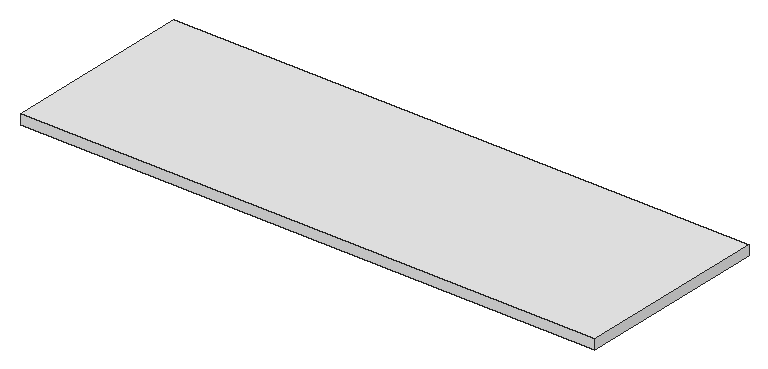
Revit family "Counter Top or Cabinet - Island", category Casework, Revit 2019
Family settings
  OmniClass Number = 23.40.35.17.47.11
  OmniClass Title = Kitchen Casework
  Work Plane-Based = No
  Always vertical = Yes
  Cut with Voids When Loaded = No
  Shared = Yes
  Room Calculation Point = No
Parameters (values of type "Island")
  Plinth Material = none
  Plinth Inset = 6 cm
  Plinth = 10 cm
  No of Doors [instance] = if((rounddown(Length / Door Width) - 1) < 2, 2, rounddown(Length / Door Width))  # 4
  Hidden Lines [instance] = no
  Door Width = 60 cm
  Door Material = none
  Counter Thickness = 4 cm
  Counter Top Material = none
  Depth [instance] = 80 cm
  Height = 90 cm
  Length [instance] = 240 cm
  Cabinet Material = Laminate, Ivory, Matte
  Cabinet [instance] = no
  Board Thickness = 1.8 cm
Reference planes (cm)
  plane 1 "Back": y = 3
  plane 2: z = 0
  plane 3 "Left": x = -120.0462
  plane 4 "Right": x = 119.9538
  plane 5 "Front": y = -74.46
  plane 6 "Top": z = 90
  plane 7 "Top Of Cabinet": z = 86
  plane 8: y = 5.54
  plane 9 "Door Front": y = -71.92
  plane 10 "Plinth": z = 10
  plane 11: x = -60.0462
  plane 12: x = -0.0462
  plane 13: x = 59.9538
  plane 14: x = 119.9538
Forms (cm)
  Extrusion 1, solid, material <- "Counter Top Material"
    sketch origin (0, 0, 0) x (1, 0, 0) y (0, 1, 0)
      loop
        line (-120.0462, 5.54) -> (-120.0462, -74.46) -> (119.9538, -74.46) -> (119.9538, 5.54) -> (-120.0462, 5.54)
    from 86 to 90
  Extrusion 2, solid, material "Laminate, Ivory, Matte" <- "Cabinet Material", visible <- "Cabinet"
    sketch origin (0, 0, 10) x (0, -1, 0) y (1, 0, 0)
      loop
        line (-3, -120.0462) -> (70.12, -120.0462) -> (70.12, -118.2462) -> (-3, -118.2462) -> (-3, -120.0462)
      loop
        line (-3, 119.9538) -> (-3, 118.1538) -> (70.12, 118.1538) -> (70.12, 119.9538) -> (-3, 119.9538)
    from 0 to 76
  Extrusion 3, solid, material "Laminate, Ivory, Matte" <- "Cabinet Material", visible <- "Cabinet"
    sketch origin (0, 0, 10) x (0, -1, 0) y (1, 0, 0)
      loop
        line (-3, -118.2462) -> (-1.2, -118.2462) -> (-1.2, 118.1538) -> (-3, 118.1538) -> (-3, -118.2462)
    from 0 to 76
  Extrusion 4, solid, material <- "Door Material", visible <- "Cabinet"
    sketch origin (0, 0, 10) x (0, -1, 0) y (1, 0, 0)
      loop
        line (71.92, -120.0462) -> (71.92, 119.9538) -> (70.12, 119.9538) -> (70.12, -120.0462) -> (71.92, -120.0462)
    from 0 to 76
  Extrusion 5, solid, material <- "Plinth Material", visible <- "Cabinet"
    sketch origin (0, 0, 0) x (1, 0, 0) y (0, 1, 0)
      loop
        line (-120.0462, -3) -> (-120.0462, -65.92) -> (119.9538, -65.92) -> (119.9538, -3) -> (-120.0462, -3)
    from 0 to 10
  Extrusion 6, void
    sketch origin (15.7865, -6, 10) x (0, -1, 0) y (1, 0, 0)
      loop
        line (-3, -76.1327) -> (77, -76.1327) -> (77, -75.5327) -> (-3, -75.5327) -> (-3, -76.1327)
    from 0 to 76
  Extrusion 7, void
    sketch origin (75.7865, -6, 10) x (0, -1, 0) y (1, 0, 0)
      loop
        line (-3, -76.1327) -> (77, -76.1327) -> (77, -75.5327) -> (-3, -75.5327) -> (-3, -76.1327)
    from 0 to 76
  Extrusion 8, void
    sketch origin (135.7865, -6, 10) x (0, -1, 0) y (1, 0, 0)
      loop
        line (-3, -76.1327) -> (77, -76.1327) -> (77, -75.5327) -> (-3, -75.5327) -> (-3, -76.1327)
    from 0 to 76
  Extrusion 9, void
    sketch origin (195.7865, -6, 10) x (0, -1, 0) y (1, 0, 0)
      loop
        line (-3, -76.1327) -> (77, -76.1327) -> (77, -75.5327) -> (-3, -75.5327) -> (-3, -76.1327)
    from 0 to 76
Cuts and joins
  Extrusion 6, Extrusion 7, Extrusion 8, Extrusion 9 cuts Extrusion 4
  Extrusion 7, Extrusion 8, Extrusion 9 cuts Extrusion 1
  Extrusion 7, Extrusion 8 cuts Extrusion 3
  Extrusion 7, Extrusion 8, Extrusion 9 cuts Extrusion 5
  Extrusion 9 cuts Extrusion 2
Lines and regions (cm)
  Masking region 1
    outline origin (0, 0, 86) x (0, -1, 0) y (1, 0, 0)
      loop
        line (-5.54, -120.0462) -> (74.46, -120.0462) -> (74.46, 119.9538) -> (-5.54, 119.9538) -> (-5.54, -120.0462)
  symbolic lines, style "CaseworkHiddenLines", visible <- "Hidden Lines"
    curve 1: line (-120.0462, 3, 86) -> (119.9538, 3, 86)
    curve 2: line (-120.0462, -71.92, 86) -> (-120.0462, 3, 86)
    curve 3: line (119.9538, -71.92, 86) -> (-120.0462, -71.92, 86)
    curve 4: line (119.9538, 3, 86) -> (119.9538, -71.92, 86)
Dimensions and locks (cm)
  "Length": plane 3 "Left" to plane 4 "Right"
  "Height": level to plane 6 "Top"
  "Counter Thickness": plane 7 "Top Of Cabinet" to plane 6 "Top"
  "Depth": plane 5 "Front" to plane 8
  locked: plane 1 "Back" to plane 8 at 2.54
  locked: plane 5 "Front" to plane 9 "Door Front" at 2.54
  "Board Thickness": plane 9 "Door Front" to Extrusion 2 sketch curve  (x2)
  "Board Thickness": Extrusion 2 sketch curve to Extrusion 2 sketch curve  (x2)
  "Board Thickness": Extrusion 3 sketch curve to Extrusion 3 sketch curve
  "Board Thickness": plane 3 "Left" to Extrusion 3 sketch curve
  "Board Thickness": Extrusion 3 sketch curve to plane 4 "Right"
  "Plinth": plane 10 "Plinth" to level
  "Board Thickness": Extrusion 4 sketch curve to Extrusion 4 sketch curve
  "Plinth Inset": Extrusion 5 sketch curve to plane 1 "Back"
  "Plinth Inset": plane 9 "Door Front" to Extrusion 5 sketch curve
  plane 3 "Left" to Extrusion 4 = 240 cm
  Extrusion 6 sketch curve to plane 11 to Extrusion 6 sketch curve = 0.3 cm locked, 0.3 cm locked
  "Door Width": plane 3 "Left" to plane 11
  Extrusion 7 sketch curve to plane 12 to Extrusion 7 sketch curve = 0.3 cm locked, 0.3 cm locked
  equal spacing: group 1, group 2, group 3, group 4  (x3)
  Extrusion 8 sketch curve to plane 13 to Extrusion 8 sketch curve = 0.3 cm locked, 0.3 cm locked
  "Door Width": plane 11 to plane 12
  "Depth": Extrusion 6 sketch curve to Extrusion 6 sketch curve
  "Depth": Extrusion 7 sketch curve to Extrusion 7 sketch curve
  "Depth": Extrusion 8 sketch curve to Extrusion 8 sketch curve
  "Plinth Inset": plane 1 "Back" to Extrusion 6
  "Plinth Inset": plane 1 "Back" to Extrusion 7
  Extrusion 9 sketch curve to plane 14 to Extrusion 9 sketch curve = 0.3 cm locked, 0.3 cm locked
  "Depth": Extrusion 9 sketch curve to Extrusion 9 sketch curve
  aligned and locked: plane 4 "Right" to Extrusion 1 sketch curve
  aligned and locked: Extrusion 1 sketch curve to plane 3 "Left"
  aligned and locked: Extrusion 1 to plane 6 "Top"
  aligned and locked: plane 7 "Top Of Cabinet" to Extrusion 1
  aligned and locked: plane 8 to Extrusion 1 sketch curve
  aligned and locked: Extrusion 1 sketch curve to plane 5 "Front"
  aligned and locked: plane 4 "Right" to Masking region 1 sketch curve
  aligned and locked: plane 8 to Masking region 1 sketch curve
  aligned and locked: Masking region 1 sketch curve to plane 3 "Left"
  aligned and locked: Masking region 1 sketch curve to plane 5 "Front"
  aligned and locked: plane 3 "Left" to Extrusion 2 sketch curve
  aligned and locked: plane 4 "Right" to Extrusion 2 sketch curve
  aligned and locked: plane 1 "Back" to Extrusion 2 sketch curve
  aligned and locked: Extrusion 2 sketch curve to plane 1 "Back"
  aligned and locked: Extrusion 3 sketch curve to plane 1 "Back"
  aligned and locked: Extrusion 4 sketch curve to plane 9 "Door Front"
  aligned and locked: plane 3 "Left" to Extrusion 4 sketch curve
  aligned and locked: Extrusion 4 sketch curve to plane 4 "Right"
  aligned and locked: plane 4 "Right" to Extrusion 5 sketch curve
  aligned and locked: Extrusion 5 sketch curve to plane 3 "Left"
  aligned and locked: Extrusion 5 to plane 10 "Plinth"
  aligned and locked: Extrusion 4 to plane 7 "Top Of Cabinet"
  aligned and locked: Extrusion 3 to plane 7 "Top Of Cabinet"
  aligned and locked: Extrusion 2 to plane 7 "Top Of Cabinet"
  aligned and locked: cut or joined group of Extrusion 4, Extrusion 6, Extrusion 7, Extrusion 8, Extrusion 9 to plane 7 "Top Of Cabinet"
  aligned and locked: curve 1 to plane 1 "Back"
  aligned and locked: plane 9 "Door Front" to curve 3
  aligned and locked: plane 4 "Right" to curve 4
  aligned and locked: curve 2 to plane 3 "Left"
